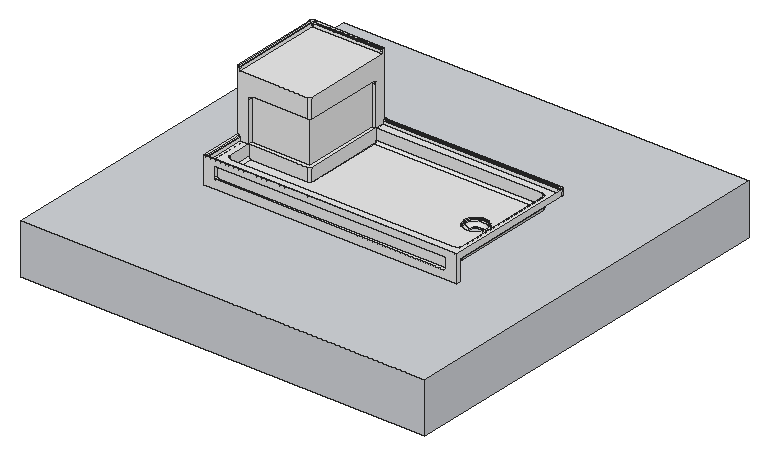
Revit family
Parameters (values of type "Acrylic-0-White")
  Width = 5' - 0"
  Waste Connection = yes
  WFU = 0
  URL = "http://www.us.kohler.com"
  Sanitary Radius = 1 1/2"
  Sanitary Diameter = Sanitary Radius * 2  # 3"
  Sanitary Connector = "Sanitary Connection"  # constant formula
  Product Page URL = "NA"
  Product Documentation Link = "NA"
  Model = "K-1976"  # constant formula
  Manufacturer = "Kohler"  # constant formula
  Length = 2' - 8"
  Height = 1' - 9 1/8"
  Finish = Acrylic-Kohler-0-White
  Description = "Tresham™ 60 inch x 32 inch Receptor with Integral Seat and Right Hand Drain"  # constant formula
  Default Elevation = 0' - 0"
  Created By = "http://www.medialab3dstudio.com/"
  Assembly Code = "D2010710"
  Actual Valve Water Flow = 0 GPM
  ADA Compliant = no
Reference planes (in)
  plane 1 "Center (Front/Back)": y = 0
  plane 2: z = 0
  plane 3 "Center (Left/Right)": x = 0
  plane 4 "Left": x = -30
  plane 5 "Right": x = 30
  plane 6 "Front": y = -16
  plane 7 "Back": y = 16
  plane 8 "Top of Receptor": z = 6.25
  plane 9 "Top": z = 21.125
  plane 10: y = -5.9375
  plane 11: x = -12.8125
  plane 12: y = 0.875
  plane 13: x = 21
  plane 14: y = -15
  plane 15: x = -29
  plane 16: y = 0.875
  plane 17: y = -4.9375
  plane 18: x = -13.8125
  plane 19: y = -15.25
Forms (in)
  Extrusion 1, solid
    sketch origin (0, 0, 0) x (1, 0, 0) y (0, 1, 0)
      loop
        line (-48, 48) -> (-48, -48) -> (48, -48) -> (48, 48) -> (-48, 48)
    from 0 to -12
  Extrusion 2, solid, material "Acrylic-Kohler-0-White" <- "Finish"
    sketch origin (0, 0, 0) x (1, 0, 0) y (0, 1, 0)
      loop
        line (-30, -16) -> (30, -16) -> (30, 15.25)
        arc (30, 15.25) -> (29.78033, 15.78033) -> (29.25, 16) r 0.75
        line (29.25, 16) -> (-29.25, 16)
        arc (-29.25, 16) -> (-29.78033, 15.78033) -> (-30, 15.25) r 0.75
        line (-30, 15.25) -> (-30, -16)
    from 4.85296 to 5.0312
  Extrusion 3, void
    sketch origin (0, 0, 0) x (1, 0, 0) y (0, 1, 0)
      loop
        arc (27.51405, 12.54124) -> (27.22116, 13.24835) -> (26.51405, 13.54124) r 1
        line (26.51405, 13.54124) -> (-26.51405, 13.54124)
        arc (-26.51405, 13.54124) -> (-27.22116, 13.24835) -> (-27.51405, 12.54124) r 1
        line (-27.51405, 12.54124) -> (-27.51405, -11.5)
        arc (-27.51405, -11.5) -> (-27.22116, -12.20711) -> (-26.51405, -12.5) r 1
        line (-26.51405, -12.5) -> (26.51405, -12.5)
        arc (26.51405, -12.5) -> (27.22116, -12.20711) -> (27.51405, -11.5) r 1
        line (27.51405, -11.5) -> (27.51405, 12.54124)
    from 4.85296 to 5.0312
  Sweep 4, solid, material "Acrylic-Kohler-0-White" <- "Finish"
    path origin (0, 0, 0) x (1, 0, 0) y (0, 1, 0)
      loop
        arc (-27.51405, -11.5) -> (-27.22116, -12.20711) -> (-26.51405, -12.5) r 1
        line (-26.51405, -12.5) -> (26.51405, -12.5)
        arc (26.51405, -12.5) -> (27.22116, -12.20711) -> (27.51405, -11.5) r 1
        line (27.51405, -11.5) -> (27.51405, 12.54124)
        arc (27.51405, 12.54124) -> (27.22116, 13.24835) -> (26.51405, 13.54124) r 1
        line (26.51405, 13.54124) -> (-26.51405, 13.54124)
        arc (-26.51405, 13.54124) -> (-27.22116, 13.24835) -> (-27.51405, 12.54124) r 1
        line (-27.51405, 12.54124) -> (-27.51405, -11.5)
    profile origin (-27.51405, 0.52062, 0) x (-1, 0, 0) y (0, 0, 1)
      loop
        arc (0, 2.46751) -> (-0.14645, 2.11395) -> (-0.5, 1.96751) r 0.5
        line (-0.5, 1.96751) -> (-0.75, 1.96751) -> (-0.75, 1.84251) -> (-0.5, 1.84251)
        arc (-0.5, 1.84251) -> (-0.05806, 2.02557) -> (0.125, 2.46751) r 0.625
        line (0.125, 2.46751) -> (0.125, 5.0312) -> (0, 5.0312) -> (0, 2.46751)
  Extrusion 5, solid, material "Acrylic-Kohler-0-White" <- "Finish"
    sketch origin (0, 0, 0) x (1, 0, 0) y (0, 1, 0)
      loop
        arc (-26.76405, -11.5) -> (-26.69083, -11.67678) -> (-26.51405, -11.75) r 0.25
        line (-26.51405, -11.75) -> (26.51405, -11.75)
        arc (26.51405, -11.75) -> (26.69083, -11.67678) -> (26.76405, -11.5) r 0.25
        line (26.76405, -11.5) -> (26.76405, 12.54124)
        arc (26.76405, 12.54124) -> (26.69083, 12.71802) -> (26.51405, 12.79124) r 0.25
        line (26.51405, 12.79124) -> (-26.51405, 12.79124)
        arc (-26.51405, 12.79124) -> (-26.69083, 12.71802) -> (-26.76405, 12.54124) r 0.25
        line (-26.76405, 12.54124) -> (-26.76405, -11.5)
    from 1.84251 to 1.96751
  Extrusion 6, void
    sketch origin (0, 0, 0) x (1, 0, 0) y (0, 1, 0)
      loop
        circle (21, 0.875) r 2.75
    from 1.84243 to 1.96751
  Revolve 7, solid, material "Acrylic-Kohler-0-White" <- "Finish"
    sketch origin (0, 0.875, 0) x (1, 0, 0) y (0, 0, 1)
      loop
        line (23.75, 1.84251) -> (23.75, 1.59251)
        arc (23.75, 1.59251) -> (23.71245, 1.50186) -> (23.62181, 1.46432) r 0.12819
        arc (23.62181, 1.46432) -> (23.55682, 1.4374) -> (23.5299, 1.37241) r 0.09191
        arc (23.5299, 1.37241) -> (23.27458, 0.75601) -> (22.65818, 0.50069) r 0.87172
        line (22.65818, 0.50069) -> (22.49986, 0.50069) -> (22.49986, 0.37569) -> (22.65818, 0.37569)
        arc (22.65818, 0.37569) -> (23.35193, 0.65675) -> (23.65442, 1.34143) r 0.99672
        arc (23.65442, 1.34143) -> (23.81202, 1.4254) -> (23.875, 1.59251) r 0.25319
        line (23.875, 1.59251) -> (23.875, 1.84251) -> (23.75, 1.84251)
      axis (21, 1.84251) -> (21, 0.37569)
    angle from 0 to 360
  Extrusion 8, solid, material "Acrylic-Kohler-0-White" <- "Finish"
    sketch origin (0, 0, 0) x (1, 0, 0) y (0, 0, 1)
      loop
        line (-30, 4.85296) -> (-30, 0) -> (30, 0) -> (30, 4.85296) -> (-30, 4.85296)
    from 15 to 16
  Extrusion 9, solid, material "Acrylic-Kohler-0-White" <- "Finish"
    sketch origin (0, 0, 0) x (1, 0, 0) y (0, 1, 0)
      loop
        line (-30, 15.25) -> (-30, -5.9375) -> (-13.3125, -5.9375)
        arc (-13.3125, -5.9375) -> (-12.95895, -5.79105) -> (-12.8125, -5.4375) r 0.5
        line (-12.8125, -5.4375) -> (-12.8125, 16) -> (-29.25, 16)
        arc (-29.25, 16) -> (-29.78033, 15.78033) -> (-30, 15.25) r 0.75
    from 0 to 19.90632
  Extrusion 10, solid, material "Acrylic-Kohler-0-White" <- "Finish"
    sketch origin (0, 0, 0) x (0, 1, 0) y (0, 0, 1)
      loop
        line (-5.9375, 4.85296) -> (-15, 4.85296) -> (-15, 0) -> (-5.9375, 0) -> (-5.9375, 4.85296)
    from -30 to -29
  Sweep 11, solid, material "Acrylic-Kohler-0-White" <- "Finish"
    path origin (0, 0, 0) x (1, 0, 0) y (0, 1, 0)
      loop
        line (-30, -5.9375) -> (-30, -16) -> (30, -16) -> (30, 15.25)
        arc (30, 15.25) -> (29.78033, 15.78033) -> (29.25, 16) r 0.75
        line (29.25, 16) -> (-12.8125, 16)
    profile origin (-30, -10.96875, 0) x (1, 0, 0) y (0, 0, 1)
      loop
        line (0.00025, 6.2507) -> (0.00025, 5.03202) -> (0.5642, 5.03202) -> (0.43684, 5.71206)
        arc (0.43684, 5.71206) -> (0.38762, 5.82202) -> (0.29631, 5.90061) r 0.27656
        arc (0.29631, 5.90061) -> (0.23699, 5.95724) -> (0.21476, 6.03618) r 0.15538
        arc (0.21476, 6.03618) -> (0.15193, 6.18787) -> (0.00025, 6.2507) r 0.21452
  Sweep 12, solid, material "Acrylic-Kohler-0-White" <- "Finish"
    path origin (0, 0, 0) x (1, 0, 0) y (0, 1, 0)
      loop
        line (-30, -5.9375) -> (-30, 15.25)
        arc (-30, 15.25) -> (-29.78033, 15.78033) -> (-29.25, 16) r 0.75
        line (-29.25, 16) -> (-12.8125, 16)
    profile origin (-30, 4.65625, 0) x (-1, 0, 0) y (0, 0, 1)
      loop
        arc (0, 21.125) -> (-0.15169, 21.06217) -> (-0.21452, 20.91048) r 0.21452
        arc (-0.21452, 20.91048) -> (-0.23675, 20.83154) -> (-0.29607, 20.77491) r 0.15538
        arc (-0.29607, 20.77491) -> (-0.38737, 20.69632) -> (-0.43659, 20.58636) r 0.27656
        line (-0.43659, 20.58636) -> (-0.56395, 19.90632) -> (0, 19.90632) -> (0, 21.125)
  Extrusion 13, solid, material "Acrylic-Kohler-0-White" <- "Finish", not visible
    sketch origin (0, 0, 0) x (1, 0, 0) y (0, 1, 0)
      loop
        circle (21, 0.875) r 1.5
    from 0.37569 to 0.50069
  Extrusion 14, void
    sketch origin (0, 0, 0) x (1, 0, 0) y (0, 0, 1)
      loop
        line (-27.51405, 5.0312) -> (-12.8125, 5.0312) -> (-12.8125, 15.37817) -> (-26.51405, 15.37817)
        arc (-26.51405, 15.37817) -> (-27.22116, 15.08528) -> (-27.51405, 14.37817) r 1
        line (-27.51405, 14.37817) -> (-27.51405, 5.0312)
    from 4.9375 to 5.9375
  Extrusion 15, void
    sketch origin (0, 0, 0) x (0, 1, 0) y (0, 0, 1)
      loop
        line (-4.9375, 15.37817) -> (-4.9375, 5.0312) -> (13.54124, 5.0312) -> (13.54124, 14.37817)
        arc (13.54124, 14.37817) -> (13.24835, 15.08528) -> (12.54124, 15.37817) r 1
        line (12.54124, 15.37817) -> (-4.9375, 15.37817)
    from -13.8125 to -12.8125
  Extrusion 16, void
    sketch origin (0, 0, 0) x (1, 0, 0) y (0, 0, 1)
      loop
        arc (27.01405, 1.96751) -> (27.36761, 2.11395) -> (27.51405, 2.46751) r 0.5
        line (27.51405, 2.46751) -> (27.51405, 4.85296) -> (-27.51405, 4.85296) -> (-27.51405, 2.46751)
        arc (-27.51405, 2.46751) -> (-27.36761, 2.11395) -> (-27.01405, 1.96751) r 0.5
        line (-27.01405, 1.96751) -> (27.01405, 1.96751)
    from 15.27426 to 16
Cuts and joins
  Extrusion 3, Extrusion 6, Extrusion 16 cuts Extrusion 2
  Extrusion 6, Extrusion 16 cuts Sweep 4
  Extrusion 6, Extrusion 16 cuts Extrusion 5
  Extrusion 16 cuts Revolve 7
  Extrusion 16 cuts Extrusion 8
  Extrusion 14, Extrusion 15, Extrusion 16 cuts Extrusion 9
  Extrusion 16 cuts Extrusion 10
  Extrusion 16 cuts Sweep 11
  Extrusion 16 cuts Sweep 12
  joined: Extrusion 2, Sweep 4, Extrusion 5, Revolve 7, Extrusion 8, Extrusion 9, Extrusion 10, Sweep 11, Sweep 12
Lines and regions (in)
  Masking region 1, detail levels coarse
    outline origin (0, 0, 0) x (1, 0, 0) y (0, 1, 0)
      loop
        line (-30, 16) -> (-30, -16) -> (30, -16) -> (30, 16) -> (-30, 16)
  Masking region 2, detail levels medium+fine
    outline origin (0, 0, 0) x (1, 0, 0) y (0, 1, 0)
      loop
        arc (-29.25, 16) -> (-29.78033, 15.78033) -> (-30, 15.25) r 0.75
        line (-30, 15.25) -> (-30, -16) -> (30, -16) -> (30, 15.25)
        arc (30, 15.25) -> (29.78033, 15.78033) -> (29.25, 16) r 0.75
        line (29.25, 16) -> (-29.25, 16)
  Masking region 3, detail levels medium+fine
    outline origin (0, 0, 0) x (1, 0, 0) y (0, 1, 0)
      loop
        line (-27.51405, -5.9375) -> (-27.51405, -11.5)
        arc (-27.51405, -11.5) -> (-27.22116, -12.20711) -> (-26.51405, -12.5) r 1
        line (-26.51405, -12.5) -> (26.51405, -12.5)
        arc (26.51405, -12.5) -> (27.22116, -12.20711) -> (27.51405, -11.5) r 1
        line (27.51405, -11.5) -> (27.51405, 12.54124)
        arc (27.51405, 12.54124) -> (27.22116, 13.24835) -> (26.51405, 13.54124) r 1
        line (26.51405, 13.54124) -> (-12.8125, 13.54124) -> (-12.8125, -5.4375)
        arc (-12.8125, -5.4375) -> (-12.95895, -5.79105) -> (-13.3125, -5.9375) r 0.5
        line (-13.3125, -5.9375) -> (-27.51405, -5.9375)
  Masking region 4, detail levels fine
    outline origin (0, 0, 0) x (1, 0, 0) y (0, 1, 0)
      loop
        circle (21, 0.875) r 1.5
      loop
        circle (21, 0.875) r 2.875
  Masking region 5, detail levels coarse
    outline origin (0, 0, 0) x (1, 0, 0) y (0, 0, 1)
      loop
        line (-30, 21.125) -> (-30, 0) -> (30, 0) -> (30, 21.125) -> (-30, 21.125)
  Masking region 6, detail levels medium+fine
    outline origin (0, 0, 0) x (1, 0, 0) y (0, 0, 1)
      loop
        line (-30, 21.125) -> (-30, 0) -> (30, 0) -> (30, 6.25) -> (-12.8125, 6.25) -> (-12.8125, 21.125) -> (-30, 21.125)
  Masking region 7, detail levels fine
    outline origin (0, -16, 0) x (1, 0, 0) y (0, 0, 1)
      loop
        line (27.51405, 4.85296) -> (-27.51405, 4.85296) -> (-27.51405, 2.46751)
        arc (-27.51405, 2.46751) -> (-27.36761, 2.11395) -> (-27.01405, 1.96751) r 0.5
        line (-27.01405, 1.96751) -> (27.01405, 1.96751)
        arc (27.01405, 1.96751) -> (27.36761, 2.11395) -> (27.51405, 2.46751) r 0.5
        line (27.51405, 2.46751) -> (27.51405, 4.85296)
  Masking region 8, detail levels fine
    outline origin (0, -16, 0) x (1, 0, 0) y (0, 0, 1)
      loop
        line (-12.8125, 15.37817) -> (-26.51405, 15.37817)
        arc (-26.51405, 15.37817) -> (-27.22116, 15.08528) -> (-27.51405, 14.37817) r 1
        line (-27.51405, 14.37817) -> (-27.51405, 6.2507) -> (-12.8125, 6.2507) -> (-12.8125, 15.37817)
  Masking region 9, detail levels fine
    outline origin (0, 16, 0) x (1, 0, 0) y (0, 0, 1)
      loop
        line (-12.8125, 4.85296) -> (-12.8125, 1.84251) -> (27.01405, 1.84251)
        arc (27.01405, 1.84251) -> (27.456, 2.02557) -> (27.63905, 2.46751) r 0.625
        line (27.63905, 2.46751) -> (27.63905, 4.85296) -> (-12.8125, 4.85296)
  Masking region 10, detail levels coarse
    outline origin (0, 0, 0) x (0, 1, 0) y (0, 0, 1)
      loop
        line (-16, 21.125) -> (-16, 0) -> (16, 0) -> (16, 21.125) -> (-16, 21.125)
  Masking region 11, detail levels medium+fine
    outline origin (0, 0, 0) x (0, 1, 0) y (0, 0, 1)
      loop
        line (-5.9375, 21.125) -> (-5.9375, 6.2507) -> (-15.99975, 6.2507) -> (-15.99975, 0.0007) -> (16.00025, 0.0007) -> (16.00025, 21.125) -> (-5.9375, 21.125)
  Masking region 12, detail levels fine
    outline origin (30, 0, 0) x (0, 1, 0) y (0, 0, 1)
      loop
        line (-5.9375, 15.37817) -> (-5.9375, 6.25) -> (13.54124, 6.25) -> (13.54124, 14.37817)
        arc (13.54124, 14.37817) -> (13.24835, 15.08528) -> (12.54124, 15.37817) r 1
        line (12.54124, 15.37817) -> (-5.9375, 15.37817)
  Masking region 13, detail levels fine
    outline origin (30, 0, 0) x (0, 1, 0) y (0, 0, 1)
      loop
        line (13.66624, 2.46751) -> (13.66624, 4.85296) -> (-11.86154, 4.85296) -> (-11.86154, 2.46751)
        arc (-11.86154, 2.46751) -> (-11.67848, 2.02557) -> (-11.23654, 1.84251) r 0.625
        line (-11.23654, 1.84251) -> (13.04124, 1.84251)
        arc (13.04124, 1.84251) -> (13.48318, 2.02557) -> (13.66624, 2.46751) r 0.625
  symbolic lines, style "Masking Lines", detail levels fine
    curve 1: line (-12.8125, 13.54124, 0) -> (-12.8125, 16, 0)
    curve 2: line (-27.51405, -5.9375, 0) -> (-30, -5.9375, 0)
    curve 3: line (-12.8125, 0, 19.90632) -> (-29.43605, 0, 19.90632)
    curve 4: line (-29.43605, -16, 19.90632) -> (-29.56341, -16, 20.58636)
    curve 5: arc (-29.56341, -16, 20.58636) -> (-29.61263, -16, 20.69632) -> (-29.70393, -16, 20.77491) r 0.27656
    curve 6: arc (-29.70393, -16, 20.77491) -> (-29.76325, -16, 20.83154) -> (-29.78548, -16, 20.91048) r 0.15538
    curve 7: arc (-29.78548, -16, 20.91048) -> (-29.84831, -16, 21.06217) -> (-30, -16, 21.125) r 0.21452
    curve 8: line (-12.8125, -16, 20.91048) -> (-29.78548, -16, 20.91048)
    curve 9: line (-12.8125, -16, 20.77491) -> (-29.70393, -16, 20.77491)
    curve 10: line (-12.8125, -16, 20.58636) -> (-29.56341, -16, 20.58636)
    curve 11: line (-27.51405, -16, 6.2507) -> (-29.99975, -16, 6.2507)
    curve 12: line (-13.8125, -16, 15.37817) -> (-13.8125, -16, 6.2507)
    curve 13: line (-27.51405, -16, 4.85296) -> (-30, -16, 4.85296)
    curve 14: line (27.51405, -16, 4.85296) -> (30, -16, 4.85296)
    curve 15: line (30, 16, 4.85296) -> (-12.8125, 16, 4.85296)
    curve 16: line (23.875, 16, 1.84251) -> (23.875, 16, 1.63415)
    curve 17: arc (23.65442, 16, 1.34143) -> (23.8254, 16, 1.44205) -> (23.875, 16, 1.63415) r 0.25897
    curve 18: arc (23.65442, 16, 1.34143) -> (23.29117, 16, 0.60279) -> (22.5, 16, 0.37569) r 1.01591
    curve 19: line (18.125, 16, 1.84251) -> (18.125, 16, 1.63415)
    curve 20: arc (18.34558, 16, 1.34143) -> (18.1746, 16, 1.44205) -> (18.125, 16, 1.63415) r 0.25897
    curve 21: arc (18.34558, 16, 1.34143) -> (18.70883, 16, 0.60279) -> (19.5, 16, 0.37569) r 1.01591
    curve 22: line (19.5, 16, 0.37569) -> (22.5, 16, 0.37569)
    curve 23: line (30, 16, 4.85296) -> (30, -15, 4.85296)
    curve 24: line (30, -15, 4.85296) -> (30, -15, 0)
    curve 25: line (30, 15.43605, 19.90632) -> (30, -5.9375, 19.90632)
    curve 26: line (30, 15.56341, 20.58636) -> (30, 15.43605, 19.90632)
    curve 27: arc (30, 15.56341, 20.58636) -> (30, 15.61263, 20.69632) -> (30, 15.70393, 20.77491) r 0.27656
    curve 28: arc (30, 15.70393, 20.77491) -> (30, 15.76325, 20.83154) -> (30, 15.78548, 20.91048) r 0.15538
    curve 29: arc (30, 15.78548, 20.91048) -> (30, 15.84831, 21.06217) -> (30, 16, 21.125) r 0.21452
    curve 30: line (30, 15.78548, 20.91048) -> (30, -5.9375, 20.91048)
    curve 31: line (30, 15.70393, 20.77491) -> (30, -5.9375, 20.77491)
    curve 32: line (30, 15.56341, 20.58636) -> (30, -5.9375, 20.58636)
    curve 33: line (-30, -5.9375, 4.85296) -> (-30, -16, 4.85296)
    curve 34: line (-30, -5.9375, 19.90632) -> (-30, 16.00025, 19.90632)
    curve 35: line (-30, -5.9375, 6.2507) -> (-30, -5.9375, 4.85296)
    curve 36: line (30, 13.54124, 6.25) -> (30, 16.00025, 6.25)
    curve 37: line (30, 3.75, 1.84251) -> (30, 3.75, 1.59251)
    curve 38: arc (30, 3.52942, 1.34143) -> (30, 3.68702, 1.4254) -> (30, 3.75, 1.59251) r 0.25319
    curve 39: line (30, 2.5381, 0.37569) -> (30, -0.7881, 0.37569)
    curve 40: arc (30, 2.5381, 0.37569) -> (30, 3.23008, 0.65703) -> (30, 3.52942, 1.34143) r 0.99166
    curve 41: line (30, -2, 1.84251) -> (30, -2, 1.59251)
    curve 42: arc (30, -1.77942, 1.34143) -> (30, -1.93702, 1.4254) -> (30, -2, 1.59251) r 0.25319
    curve 43: arc (30, -0.7881, 0.37569) -> (30, -1.48008, 0.65703) -> (30, -1.77942, 1.34143) r 0.99166
    curve 44: line (-12.8125, 16, 1.84251) -> (-12.8125, 16, 0)
    curve 45: line (30, -4.9375, 15.37817) -> (30, -4.9375, 6.25)
    curve 46: line (-29.43605, 16, 19.90632) -> (-30, 16, 19.90632)
Dimensions and locks (in)
  equal spacing: plane 4 "Left", plane 3 "Center (Left/Right)", plane 5 "Right"
  equal spacing: plane 6 "Front", plane 1 "Center (Front/Back)", plane 7 "Back"
  "Width": plane 4 "Left" to plane 5 "Right"
  "Length": plane 6 "Front" to plane 7 "Back"
  "Height": plane 9 "Top" to plane 2
  aligned and locked: plane 2 to Extrusion 1
  aligned and locked: level to Extrusion 1
  aligned and locked: Sweep 4 to Extrusion 6
  aligned and locked: plane 6 "Front" to Extrusion 8
  aligned and locked: plane 14 to Extrusion 8
  aligned and locked: plane 15 to Extrusion 10
  aligned and locked: Extrusion 10 to plane 4 "Left"
  aligned and locked: Extrusion 13 to cut or joined group 1 (Extrusion 2, Extrusion 3, Sweep 4, Extrusion 5, Extrusion 6, Revolve 7, Extrusion 8, Extrusion 9, Extrusion 10, Sweep 11, Sweep 12, Extrusion 14, Extrusion 15, Extrusion 16)
  aligned and locked: cut or joined group 1 to Extrusion 13
  aligned and locked: plane 11 to Extrusion 15
  aligned and locked: plane 7 "Back" to Masking region 1 sketch curve
  aligned and locked: plane 4 "Left" to Masking region 1 sketch curve
  aligned and locked: Masking region 1 sketch curve to plane 6 "Front"
  aligned and locked: Masking region 1 sketch curve to plane 5 "Right"
  aligned and locked: plane 7 "Back" to Masking region 2 sketch curve
  aligned and locked: plane 4 "Left" to Masking region 2 sketch curve
  aligned and locked: Masking region 2 sketch curve to plane 6 "Front"
  aligned and locked: Masking region 2 sketch curve to plane 5 "Right"
  aligned and locked: Masking region 3 sketch curve to cut or joined group 1  (x3)
  aligned and locked: cut or joined group 1 to Masking region 3 sketch curve
  aligned and locked: Masking region 4 sketch curve to Extrusion 13  (x2)
  aligned and locked: Masking region 4 sketch curve to cut or joined group 1  (x2)
  aligned and locked: plane 4 "Left" to Masking region 5 sketch curve
  aligned and locked: plane 9 "Top" to Masking region 5 sketch curve
  aligned and locked: Masking region 5 sketch curve to plane 5 "Right"
  aligned and locked: plane 2 to Masking region 5 sketch curve
  aligned and locked: plane 9 "Top" to Masking region 10 sketch curve
  aligned and locked: Masking region 10 sketch curve to plane 6 "Front"
  aligned and locked: plane 2 to Masking region 10 sketch curve
Automatic sketch dimensions
  Extrusion 1 sketch curve to Extrusion 1 sketch curve = 8' - 0"  (x2)
  plane 12 to Extrusion 6 sketch curve = 0' - 0"
  Extrusion 6 sketch curve to plane 13 = 0' - 0"
  curve 2 to plane 4 "Left" = 0' - 0"
  plane 10 to curve 2 = 0' - 0"
  plane 7 "Back" to curve 1 = 0' - 0"
  curve 1 to plane 11 = 0' - 0"
  plane 15 to curve 2 = 0' - 1.48595"
  plane 7 "Back" to curve 1 = 0' - 2.45876"
  Extrusion 2 sketch curve to plane 4 "Left" = 0' - 0"
  plane 7 "Back" to Extrusion 2 sketch curve = 0' - 0"
  Extrusion 2 sketch curve to plane 5 "Right" = 0' - 0"
  plane 6 "Front" to Extrusion 2 sketch curve = 0' - 0"
  Extrusion 2 sketch curve to plane 15 = 0' - 0 1/4"
  Extrusion 2 sketch curve to plane 5 "Right" = 0' - 0 3/4"
  plane 15 to Extrusion 3 sketch curve = 0' - 1.48595"
  Extrusion 3 sketch curve to Extrusion 3 sketch curve = 0' - 1"  (x3)
  Extrusion 3 sketch curve to plane 5 "Right" = 0' - 3.48595"  (x2)
  plane 14 to Extrusion 3 sketch curve = 0' - 2 1/2"
  plane 7 "Back" to Extrusion 3 sketch curve = 0' - 3.45876"
  plane 15 to Sweep 4 sketch curve = 0' - 1.48595"
  Sweep 4 sketch curve to Sweep 4 sketch curve = 0' - 1"  (x3)
  Sweep 4 sketch curve to plane 5 "Right" = 0' - 3.48595"  (x2)
  plane 14 to Sweep 4 sketch curve = 0' - 2 1/2"
  plane 7 "Back" to Sweep 4 sketch curve = 0' - 3.45876"
  Sweep 4 sketch curve to Sweep 4 sketch curve = 0' - 0"  (x2)
  Sweep 4 sketch curve to profile plane = 0' - 0"
  Sweep 4 sketch curve to Sweep 4 sketch curve = 0' - 0 1/2"
  Sweep 4 sketch curve to Sweep 4 sketch curve = 0' - 0 1/4"
  Sweep 4 sketch curve to profile plane = 0' - 0 1/8"
  level to Sweep 4 sketch curve = 0' - 1.84251"
  Sweep 4 sketch curve to Sweep 4 sketch curve = 0' - 2.56369"
  plane 15 to Extrusion 5 sketch curve = 0' - 2.23595"
  Extrusion 5 sketch curve to Extrusion 5 sketch curve = 0' - 0 1/4"  (x3)
  Extrusion 5 sketch curve to plane 5 "Right" = 0' - 3.48595"  (x2)
  plane 14 to Extrusion 5 sketch curve = 0' - 3 1/4"
  plane 7 "Back" to Extrusion 5 sketch curve = 0' - 3.45876"
  Revolve 7 sketch curve to Revolve 7 sketch curve = 0' - 0"  (x5)
  Revolve 7 sketch curve to level = 0' - 0.53249"
  Revolve 7 sketch curve to plane 5 "Right" = 0' - 9"
  level to Revolve 7 sketch curve = 0' - 0.37569"
  Revolve 7 sketch curve to Revolve 7 sketch curve = 0' - 1.49986"
  Revolve 7 sketch curve to Revolve 7 sketch curve = 0' - 0.15832"
  Revolve 7 sketch curve to Revolve 7 sketch curve = 0' - 0.87172"
  Revolve 7 sketch curve to Revolve 7 sketch curve = 0' - 0.09191"
  Revolve 7 sketch curve to Revolve 7 sketch curve = 0' - 0.03261"
  Revolve 7 sketch curve to Revolve 7 sketch curve = 0' - 0.12819"
  Revolve 7 sketch curve to Revolve 7 sketch curve = 0' - 0 1/8"  (x2)
  Revolve 7 sketch curve to Revolve 7 sketch curve = 0' - 0 1/4"
  Revolve 7 sketch curve to Revolve 7 sketch curve = 0' - 0.5951"
  Extrusion 8 sketch curve to level = 0' - 0"
  Extrusion 8 sketch curve to plane 4 "Left" = 0' - 0"
  Extrusion 8 sketch curve to plane 5 "Right" = 0' - 0"
  plane 8 "Top of Receptor" to Extrusion 8 sketch curve = 0' - 1.39704"
  Extrusion 9 sketch curve to plane 4 "Left" = 0' - 0"
  plane 7 "Back" to Extrusion 9 sketch curve = 0' - 0"
  plane 10 to Extrusion 9 sketch curve = 0' - 0"
  Extrusion 9 sketch curve to plane 11 = 0' - 0"
  Extrusion 9 sketch curve to plane 15 = 0' - 0 1/4"
  Extrusion 9 sketch curve to plane 10 = 0' - 0 1/2"
  Extrusion 10 sketch curve to plane 14 = 0' - 0"
  Extrusion 10 sketch curve to level = 0' - 0"
  Extrusion 10 sketch curve to plane 10 = 0' - 0"
  plane 8 "Top of Receptor" to Extrusion 10 sketch curve = 0' - 1.39704"
  Sweep 11 sketch curve to plane 4 "Left" = 0' - 0"
  plane 7 "Back" to Sweep 11 sketch curve = 0' - 0"
  Sweep 11 sketch curve to plane 11 = 0' - 0"
  Sweep 11 sketch curve to plane 5 "Right" = 0' - 0"
  plane 6 "Front" to Sweep 11 sketch curve = 0' - 0"
  plane 10 to Sweep 11 sketch curve = 0' - 0"
  Sweep 11 sketch curve to plane 5 "Right" = 0' - 0 3/4"
  Sweep 11 sketch curve to profile plane = 0' - 0.00025"
  Sweep 11 sketch curve to profile plane = 0' - 0.16586"
  Sweep 11 sketch curve to Sweep 11 sketch curve = 0' - 0.21452"
  Sweep 11 sketch curve to Sweep 11 sketch curve = 0' - 0.08155"
  Sweep 11 sketch curve to Sweep 11 sketch curve = 0' - 0.07382"
  Sweep 11 sketch curve to Sweep 11 sketch curve = 0' - 0.14052"
  Sweep 11 sketch curve to Sweep 11 sketch curve = 0' - 0.56395"
  level to Sweep 11 sketch curve = 0' - 5.03202"
  Sweep 11 sketch curve to Sweep 11 sketch curve = 0' - 0.62473"
  Sweep 11 sketch curve to Sweep 11 sketch curve = 0' - 0.05531"
  Sweep 11 sketch curve to Sweep 11 sketch curve = 0' - 0.13557"
  Sweep 12 sketch curve to plane 4 "Left" = 0' - 0"
  plane 7 "Back" to Sweep 12 sketch curve = 0' - 0"
  Sweep 12 sketch curve to plane 11 = 0' - 0"
  plane 10 to Sweep 12 sketch curve = 0' - 0"
  Sweep 12 sketch curve to plane 15 = 0' - 0 1/4"
  Sweep 12 sketch curve to profile plane = 0' - 0"
  profile plane to Sweep 12 sketch curve = 0' - 0.16562"
  Sweep 12 sketch curve to Sweep 12 sketch curve = 0' - 0.21452"
  Sweep 12 sketch curve to Sweep 12 sketch curve = 0' - 0.08155"
  Sweep 12 sketch curve to Sweep 12 sketch curve = 0' - 0.07382"
  Sweep 12 sketch curve to Sweep 12 sketch curve = 0' - 0.14052"
  profile plane to Sweep 12 sketch curve = 0' - 0.56395"
  level to Sweep 12 sketch curve = 1' - 7.90632"
  Sweep 12 sketch curve to Sweep 12 sketch curve = 0' - 0.62473"
  Sweep 12 sketch curve to Sweep 12 sketch curve = 0' - 0.05531"
  Sweep 12 sketch curve to Sweep 12 sketch curve = 0' - 0.13557"
  plane 16 to Extrusion 13 sketch curve = 0' - 0"
  Extrusion 13 sketch curve to plane 5 "Right" = 0' - 9"
  Extrusion 14 sketch curve to plane 11 = 0' - 0"
  plane 15 to Extrusion 14 sketch curve = 0' - 2.48595"
  Extrusion 14 sketch curve to Extrusion 14 sketch curve = 0' - 0"
  plane 15 to Extrusion 14 sketch curve = 0' - 1.48595"
  plane 8 "Top of Receptor" to Extrusion 14 sketch curve = 0' - 1.2188"
  plane 9 "Top" to Extrusion 14 sketch curve = 0' - 6.74683"
  Extrusion 15 sketch curve to plane 17 = 0' - 0"
  plane 7 "Back" to Extrusion 15 sketch curve = 0' - 3.45876"
  plane 8 "Top of Receptor" to Extrusion 15 sketch curve = 0' - 1.2188"
  plane 7 "Back" to Extrusion 15 sketch curve = 0' - 2.45876"
  plane 9 "Top" to Extrusion 15 sketch curve = 0' - 6.74683"
  plane 15 to Extrusion 16 sketch curve = 0' - 1.48595"
  Extrusion 16 sketch curve to Extrusion 16 sketch curve = 0' - 0 1/2"  (x2)
  Extrusion 16 sketch curve to plane 5 "Right" = 0' - 2.98595"
  level to Extrusion 16 sketch curve = 0' - 1.96751"
  plane 8 "Top of Receptor" to Extrusion 16 sketch curve = 0' - 1.39704"
  Masking region 2 sketch curve to plane 15 = 0' - 0 1/4"
  Masking region 2 sketch curve to plane 5 "Right" = 0' - 0 3/4"
  Masking region 6 sketch curve to plane 4 "Left" = 0' - 0"
  Masking region 6 sketch curve to plane 9 "Top" = 0' - 0"
  Masking region 6 sketch curve to plane 11 = 0' - 0"
  Masking region 6 sketch curve to level = 0' - 0"
  Masking region 6 sketch curve to plane 5 "Right" = 0' - 0"
  Masking region 6 sketch curve to plane 8 "Top of Receptor" = 0' - 0"
  curve 7 to plane 4 "Left" = 0' - 0"
  curve 13 to plane 4 "Left" = 0' - 0"
  curve 12 to plane 18 = 0' - 0"
  curve 9 to plane 11 = 0' - 0"
  curve 8 to plane 11 = 0' - 0"
  curve 10 to plane 11 = 0' - 0"
  curve 14 to plane 5 "Right" = 0' - 0"
  curve 7 to plane 9 "Top" = 0' - 0"
  plane 4 "Left" to curve 11 = 0' - 0.00025"
  plane 4 "Left" to curve 5 = 0' - 0.16562"
  plane 4 "Left" to curve 6 = 0' - 0.21452"
  curve 7 to curve 6 = 0' - 0.08155"
  curve 9 to curve 6 = 0' - 0.07382"
  curve 9 to curve 10 = 0' - 0.14052"
  curve 11 to plane 8 "Top of Receptor" = 0' - 0.0007"
  plane 15 to curve 11 = 0' - 1.48595"
  curve 11 to curve 13 = 0' - 0"
  curve 14 to plane 5 "Right" = 0' - 2.48595"
  plane 8 "Top of Receptor" to curve 14 = 0' - 1.39704"
  plane 8 "Top of Receptor" to curve 13 = 0' - 1.39704"
  curve 12 to plane 8 "Top of Receptor" = 0' - 0.0007"
  curve 12 to curve 8 = 0' - 5.53231"
  curve 5 to curve 7 = 0' - 0.37943"
  curve 5 to curve 4 = 0' - 0.05531"
  plane 15 to Masking region 7 sketch curve = 0' - 1.48595"
  Masking region 7 sketch curve to Masking region 7 sketch curve = 0' - 0 1/2"  (x2)
  Masking region 7 sketch curve to plane 5 "Right" = 0' - 2.98595"
  level to Masking region 7 sketch curve = 0' - 1.96751"
  plane 8 "Top of Receptor" to Masking region 7 sketch curve = 0' - 1.39704"
  Masking region 8 sketch curve to plane 11 = 0' - 0"
  plane 15 to Masking region 8 sketch curve = 0' - 2.48595"
  Masking region 8 sketch curve to Masking region 8 sketch curve = 0' - 1"
  Masking region 8 sketch curve to plane 8 "Top of Receptor" = 0' - 0.0007"
  plane 9 "Top" to Masking region 8 sketch curve = 0' - 6.74683"
  Masking region 10 sketch curve to plane 7 "Back" = 0' - 0"
  Masking region 11 sketch curve to plane 10 = 0' - 0"
  plane 9 "Top" to Masking region 11 sketch curve = 0' - 0"
  Masking region 11 sketch curve to plane 6 "Front" = 0' - 0.00025"
  Masking region 11 sketch curve to plane 7 "Back" = 0' - 0.00025"
  Masking region 11 sketch curve to plane 8 "Top of Receptor" = 0' - 0.0007"
  level to Masking region 11 sketch curve = 0' - 0.0007"
  curve 23 to plane 14 = 0' - 0"
  curve 32 to plane 10 = 0' - 0"
  curve 31 to plane 10 = 0' - 0"
  curve 25 to plane 10 = 0' - 0"
  curve 30 to plane 10 = 0' - 0"
  plane 8 "Top of Receptor" to curve 36 = 0' - 0"
  curve 29 to plane 7 "Back" = 0' - 0"
  curve 23 to plane 7 "Back" = 0' - 0"
  curve 24 to level = 0' - 0"
  plane 9 "Top" to curve 29 = 0' - 0"
  plane 7 "Back" to curve 36 = 0' - 2.45876"
  plane 7 "Back" to curve 25 = 0' - 0.56395"
  plane 7 "Back" to curve 32 = 0' - 0.43659"
  plane 9 "Top" to curve 28 = 0' - 0.21337"
  curve 27 to curve 28 = 0' - 0.0667"
  curve 28 to curve 31 = 0' - 0.07382"
  curve 28 to curve 28 = 0' - 0.15537"
  plane 7 "Back" to curve 27 = 0' - 0.16562"
  curve 36 to plane 7 "Back" = 0' - 0.00025"
  plane 8 "Top of Receptor" to curve 24 = 0' - 1.39704"
  curve 26 to curve 31 = 0' - 0.86859"
  curve 27 to curve 31 = 0' - 0.24386"
  curve 33 to plane 6 "Front" = 0' - 0"
  curve 34 to plane 10 = 0' - 0"
  curve 35 to plane 10 = 0' - 0"
  curve 34 to plane 7 "Back" = 0' - 0.00025"
  plane 8 "Top of Receptor" to curve 33 = 0' - 1.39704"
  curve 35 to plane 8 "Top of Receptor" = 0' - 0.0007"
  plane 9 "Top" to curve 34 = 0' - 1.21868"
  plane 14 to Masking region 13 sketch curve = 0' - 3.13846"
  Masking region 13 sketch curve to Masking region 13 sketch curve = 0' - 0 5/8"  (x2)
  plane 7 "Back" to Masking region 13 sketch curve = 0' - 2.95876"
  level to Masking region 13 sketch curve = 0' - 1.84251"
  plane 8 "Top of Receptor" to Masking region 13 sketch curve = 0' - 1.39704"
  plane 1 "Center (Front/Back)" to curve 41 = 0' - 2"
  curve 41 to curve 42 = 0' - 0.22058"
  curve 43 to curve 42 = 0' - 0.03261"
  level to curve 39 = 0' - 0.37569"
  plane 1 "Center (Front/Back)" to curve 39 = 0' - 0.7881"
  curve 39 to plane 1 "Center (Front/Back)" = 0' - 2.5381"
  curve 40 to curve 38 = 0' - 0.95871"
  curve 38 to curve 40 = 0' - 0.03261"
  curve 38 to curve 37 = 0' - 0.25319"
  level to curve 43 = 0' - 1.34143"
  level to curve 40 = 0' - 1.34143"
  curve 42 to curve 41 = 0' - 0 1/4"
  curve 37 to curve 37 = 0' - 0 1/4"
  Masking region 3 sketch curve to Masking region 3 sketch curve = 0' - 1"  (x2)
  plane 14 to Masking region 3 sketch curve = 0' - 3 1/2"
  Masking region 9 sketch curve to plane 11 = 0' - 0"
  level to Masking region 9 sketch curve = 0' - 1.84251"
  Masking region 9 sketch curve to plane 5 "Right" = 0' - 2.98595"
  Masking region 9 sketch curve to Masking region 9 sketch curve = 0' - 0 5/8"
  plane 8 "Top of Receptor" to Masking region 9 sketch curve = 0' - 1.39704"
  curve 44 to plane 11 = 0' - 0"
  curve 15 to plane 11 = 0' - 0"
  curve 15 to plane 5 "Right" = 0' - 0"
  curve 44 to level = 0' - 0"
  level to curve 19 = 0' - 1.84251"
  curve 19 to plane 5 "Right" = 0' - 11 7/8"
  curve 19 to curve 20 = 0' - 0.22058"
  curve 19 to curve 20 = 0' - 0.25642"
  curve 20 to curve 21 = 0' - 0.97926"
  level to curve 22 = 0' - 0.37569"
  curve 21 to curve 22 = 0' - 0.13932"
  curve 22 to curve 18 = 0' - 3"
  curve 18 to curve 18 = 0' - 0.13932"
  curve 18 to curve 17 = 0' - 0.97926"
  curve 17 to curve 18 = 0' - 0.03584"
  curve 17 to curve 16 = 0' - 0.25642"
  level to curve 17 = 0' - 1.34143"
  curve 21 to curve 19 = 0' - 0.50108"
  curve 17 to curve 17 = 0' - 0.25648"
  curve 20 to curve 20 = 0' - 0.25648"
  curve 16 to curve 16 = 0' - 0.20836"
  level to curve 44 = 0' - 1.84251"
  plane 8 "Top of Receptor" to curve 15 = 0' - 1.39704"
  Masking region 12 sketch curve to plane 10 = 0' - 0"
  plane 8 "Top of Receptor" to Masking region 12 sketch curve = 0' - 0"
  plane 7 "Back" to Masking region 12 sketch curve = 0' - 3.45876"
  plane 7 "Back" to Masking region 12 sketch curve = 0' - 2.45876"
  plane 9 "Top" to Masking region 12 sketch curve = 0' - 6.74683"
  curve 45 to plane 17 = 0' - 0"
  plane 8 "Top of Receptor" to curve 45 = 0' - 0"
  curve 45 to curve 25 = 0' - 4.52815"
  curve 4 to plane 15 = 0' - 0.43605"
  curve 4 to curve 5 = 0' - 0.68004"
  curve 3 to plane 11 = 0' - 0"
  plane 9 "Top" to curve 3 = 0' - 1.21868"
  curve 3 to plane 15 = 0' - 0.43605"
  curve 46 to plane 4 "Left" = 0' - 0"
  curve 46 to plane 15 = 0' - 0.43605"
  plane 9 "Top" to curve 46 = 0' - 1.21868"
  radius of Extrusion 6 sketch curve = 0' - 2 3/4"
  radius of Extrusion 13 sketch curve = 0' - 1 1/2"
Connectors (in)
  piping at (21, 0.875, 0.37569), driven by "Actual Valve Water Flow", driven by "Waste Connection", driven by "Sanitary Radius", driven by "Waste Connection", driven by "Sanitary Connector", driven by "WFU"
    settings: on Extrusion 13, index 1, connector radius 1 1/2", flow factor 0, pipe flow 0 GPM, pressure drop 0.00 psi, fitting loss kfactor 0, connector angle 0.00°, fixture units 0, flow configuration 3, flow direction 2, fitting loss method 0, system type 16, connector reference index -1, connector utility 1, adjustable connector yes, is connector primary yes, fitting loss table "", connector description "Sanitary Connection"
